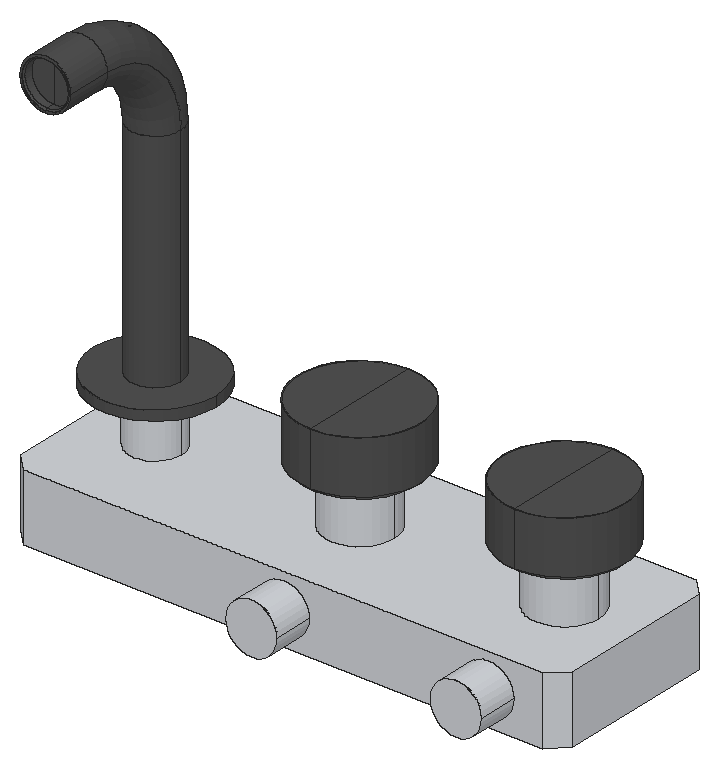
Revit family "Reece_Tap_Milli_Pure_Bath Tap Hostess System_160 mm", category Plumbing Fixtures, host Face, Revit 2018
Family settings
  Host = Face
  Round Connector Dimension = Use Diameter
  Part Type = Normal
  Cut with Voids When Loaded = No
  Shared = Yes
  Room Calculation Point = Yes
Parameters (values of type "Matte Black")
  WFU = 0  # constant formula
  URL = "https://www.reece.com.au/product/-2281221"
  Type Comments = "Tap"
  Reece_Tap_Reach = 160 mm  # constant formula
  Reece_Tap_Inlet = 15 mm  # constant formula
  Reece_Product_Web Page = "https://www.reece.com.au/product/-2281221"
  Reece_Product_Type = "Tap"  # constant formula
  Reece_Product_Sub Brand = "Pure"  # constant formula
  Reece_Product_Number = "2281221"
  Reece_Product_Mount = "Wall Mounted"
  Reece_Product_Description = "Milli Pure Wall Bath Hostess System 160mm Right Hand Matte Black"
  Reece_Product_Brand = "Milli"  # constant formula
  Reece_Overall_Length = 172.5 mm  # constant formula
  Reece_Material_Main = Reece_Brass_Matte Black
  Reece_Detail_Tap_Handle Texture = ""
  Reece_Detail_Installation = ""
  Reece_Detail_Disclaimer = "THIS FILE IS THE PROPERTY OF THE REECE GROUP. IT MAY NOT BE REPRODUCED, REVERSE-ENGINEERED OR MODIFIED. ANY REPUBLICATION, TRANSMISSION OR DISTRIBUTION FOR THE PURPOSE OF COMMERCIALLY EXPLOITING THE FILES IS PROHIBITED."  # constant formula
  Reece_Detail_Connector = ""
  Reece_Detail_Additional = "Bath Tap Hostess System\r\n"  # constant formula
  Model = "Pure"
  Manufacturer = "Milli"
  Keynote = "Product #2281221, Reece_Tap_Milli_Pure_Bath Tap Hostess System_160 mm - Matte Black"
  HWFU = 0  # constant formula
  Disclaimer = "THIS FILE IS THE PROPERTY OF THE REECE GROUP. IT MAY NOT BE REPRODUCED, REVERSE-ENGINEERED OR MODIFIED. ANY REPUBLICATION, TRANSMISSION OR DISTRIBUTION FOR THE PURPOSE OF COMMERCIALLY EXPLOITING THE FILES IS PROHIBITED."  # constant formula
  Description = "Milli Pure Wall Bath Hostess System 160mm Matte Black"
  Default Elevation = 1000 mm
  CWFU = 0  # constant formula
Types (6, lengths in mm): name | URL | Reece_Product_Web Page | Reece_Product_Number | Reece_Product_Description | Reece_Material_Main | Keynote | Description
  Brushed Gunmetal | "https://www.reece.com.au/product/-2281299" | "https://www.reece.com.au/product/-2281299" | "2281299" | "Milli Pure Wall Bath Hostess System 160mm Right Hand Brushed Gunmetal" | Reece_Brass_Brushed Gunmetal | "Product #2281299, Reece_Tap_Milli_Pure_Bath Tap Hostess System_160 mm - Brushed Gunmetal" | "Milli Pure Wall Bath Hostess System 160mm Brushed Gunmetal"
  Chrome | "https://www.reece.com.au/product/-2263278" | "https://www.reece.com.au/product/-2263278" | "2263278" | "Milli Pure Wall Bath Hostess System 160mm Right Hand Chrome" | Reece_Brass_Chrome | "Product #2263278, Reece_Tap_Milli_Pure_Bath Tap Hostess System_160 mm - Chrome" | "Milli Pure Wall Bath Hostess System 160mm Chrome"
  Matte Black | "https://www.reece.com.au/product/-2281221" | "https://www.reece.com.au/product/-2281221" | "2281221" | "Milli Pure Wall Bath Hostess System 160mm Right Hand Matte Black" | Reece_Brass_Matte Black | "Product #2281221, Reece_Tap_Milli_Pure_Bath Tap Hostess System_160 mm - Matte Black" | "Milli Pure Wall Bath Hostess System 160mm Matte Black"
  Brushed Nickel | "https://www.reece.com.au/product/-2299269" | "https://www.reece.com.au/product/-2299269" | "2299269" | "Milli Pure Wall Bath Hostess System 160mm Right Hand Brushed Nickel" | Reece_Brass_Brushed Nickel | "Product #2299269, Reece_Tap_Milli_Pure_Bath Tap Hostess System_160 mm - Brushed Nickel" | "Milli Pure Wall Bath Hostess System 160mm Brushed Nickel"
  PVD Brushed Bronze | "https://www.reece.com.au/product/-9511084" | "https://www.reece.com.au/product/-9511084" | "9511084" | "Milli Pure Wall Bath Hostess System 160mm PVD Brushed Bronze" | Reece_PVD_Brushed Bronze | "Product #9511084, Reece_Tap_Milli_Pure_Bath Tap Hostess System_160 mm - PVD Brushed Bronze" | "Milli Pure Wall Bath Hostess System 160mm PVD Brushed Bronze"
  PVD Brushed Gold | "https://www.reece.com.au/product/-9510899" | "https://www.reece.com.au/product/-9510899" | "9510899" | "Milli Pure Wall Bath Hostess System 160mm PVD Brushed Gold" | Reece_PVD_Brushed Gold | "Product #9510899, Reece_Tap_Milli_Pure_Bath Tap Hostess System_160 mm - PVD Brushed Gold" | "Milli Pure Wall Bath Hostess System 160mm PVD Brushed Gold"
Reference planes
  plane 1 "Center (Front/Back)": y = 0
  plane 2 "Bottom": z = 0
  plane 3 "Center (Left/Right)": x = 0
  plane 4 "Top": z = 172.5
  plane 5: z = 160
  plane 6: y = -67
  plane 7: x = -100
  plane 8: x = 100
Forms (mm)
  Extrusion 1, solid, material "Reece_Brass_Matte Black" <- "Reece_Material_Main"
    sketch origin (-50, 0, 0) x (1, 0, 0) y (0, 1, 0)
      loop
        circle (-50, 0) r 30
    from 0 to 5
  Sweep 2, solid, material "Reece_Brass_Matte Black" <- "Reece_Material_Main"
    path origin (0, 0, 0) x (0, 1, 0) y (0, 0, 1)
      loop
        line (-67, 160) -> (-45, 160)
        arc (-45, 160) -> (-13.18, 146.82) -> (0, 115) r 45
        line (0, 115) -> (0, 0)
    profile origin (0, 0, 57.5) x (1, 0, 0) y (0, 1, 0)
      loop
        circle (-100, 0) r 12.5
      loop
        circle (-100, 0) r 11.5
  Revolve 3, solid, material "Reece_Brass_Matte Black"
    sketch origin (-100, -183.21, 28.488) x (0, 0.572951, -0.81959) y (0, 0.81959, 0.572951)
      loop
        line (-38.39, 174.619) -> (-37.119, 176.437) -> (-46.38, 182.911) -> (-50.465, 177.068) -> (-49.461, 177.508) -> (-47.184, 180.766) -> (-38.39, 174.619)
      axis (-37.119, 176.437) -> (-41.203, 170.594)
    angle from 0 to 360
  Extrusion 4, solid
    sketch origin (0, 0, 0) x (1, 0, 0) y (0, 1, 0)
      loop
        line (-126.853, 46.5) -> (-135, 38.353) -> (-135, -38.353) -> (-126.853, -46.5) -> (126.853, -46.5) -> (135, -38.353) -> (135, 38.353) -> (126.853, 46.5) -> (-126.853, 46.5)
    from -60 to -27
  Extrusion 5, solid
    sketch origin (50, 0, -3.5) x (-1, 0, 0) y (0, 0, 1)
      loop
        circle (50, -40) r 12.5
    from -66.119 to -46.5
  Extrusion 6, solid
    sketch origin (150, 0, -3.5) x (-1, 0, 0) y (0, 0, 1)
      loop
        circle (50, -40) r 12.5
    from -66.119 to -46.5
  Extrusion 7, void
    sketch origin (-150, 0, 0) x (1, 0, 0) y (0, 1, 0)
      loop
        circle (50, 0) r 17
    from 0 to -27
  Extrusion 8, void
    sketch origin (50, 0, 0) x (-1, 0, 0) y (0, -1, 0)
      loop
        circle (50, 0) r 20
    from 0 to -27
  Extrusion 9, void
    sketch origin (150, 0, 0) x (-1, 0, 0) y (0, -1, 0)
      loop
        circle (50, 0) r 20
    from 0 to -27
  Extrusion 10, solid
    sketch origin (-50, 0, 0) x (1, 0, 0) y (0, 1, 0)
      loop
        circle (50, 0) r 17
    from 0 to -27
  Extrusion 11, solid
    sketch origin (-150, 0, 0) x (1, 0, 0) y (0, 1, 0)
      loop
        circle (50, 0) r 13
    from 0 to -27
  Extrusion 12, solid
    sketch origin (50, 0, 0) x (1, 0, 0) y (0, 1, 0)
      loop
        circle (50, 0) r 17
    from 0 to -27
Cuts and joins
  Extrusion 7 cuts Extrusion 1
  Extrusion 7 cuts Sweep 2
  joined: Extrusion 1, Sweep 2
  Extrusion 7, Extrusion 8, Extrusion 9 cuts Extrusion 4
  Extrusion 7, Extrusion 8, Extrusion 9 cuts Extrusion 5
  Extrusion 7, Extrusion 8, Extrusion 9 cuts Extrusion 6
  joined: Extrusion 4, Extrusion 5, Extrusion 6, Extrusion 10, Extrusion 11, Extrusion 12
Text (mm)
  text "Reece Copyright © 2018, Reece Ltd." at (-1403.988, -1192.393, 0), in view "Ref. Level"
  text "Reece ©" at (7.559, 166.241, 136.461), in view "Reece Preview"
Dimensions and locks
  "Reece_Tap_Reach": plane 5 to plane 2 "Bottom"
  plane 1 "Center (Front/Back)" to plane 6 = 67 mm
  locked: plane 4 "Top" to plane 5 at 12.5
  "Reece_Overall_Length": plane 4 "Top" to plane 2 "Bottom"
  plane 7 to plane 3 "Center (Left/Right)" = 100 mm
  aligned and locked: plane 2 "Bottom" to host face
  aligned and locked: level to host face
  aligned and locked: plane 5 to Sweep 2 sketch curve
  aligned and locked: plane 6 to Sweep 2 sketch curve
Automatic sketch dimensions
  host sketch curve to host sketch curve = 380.785 mm
  host sketch curve to host sketch curve = 317.421 mm
  plane 1 "Center (Front/Back)" to Extrusion 1 sketch curve = 0 mm
  Extrusion 1 sketch curve to plane 7 = 0 mm
  level to Sweep 2 sketch curve = 0 mm
  Sweep 2 sketch curve to plane 1 "Center (Front/Back)" = 0 mm
  Sweep 2 sketch curve to plane 6 = 22 mm
  Sweep 2 sketch curve to Sweep 2 sketch curve = 0 mm  (x2)
  profile plane to Sweep 2 sketch curve = 0 mm
  Sweep 2 sketch curve to plane 3 "Center (Left/Right)" = 100 mm
  Revolve 3 sketch curve to plane 5 = 0 mm  (x4)
  Revolve 3 sketch curve to plane 6 = 0 mm
  Revolve 3 sketch curve to plane 4 "Top" = 1.2 mm
  Revolve 3 sketch curve to Revolve 3 sketch curve = 1.003 mm
  Revolve 3 sketch curve to Revolve 3 sketch curve = 2.278 mm
  Revolve 3 sketch curve to Revolve 3 sketch curve = 0.803 mm
  Revolve 3 sketch curve to Revolve 3 sketch curve = 1.271 mm
  Revolve 3 sketch curve to Revolve 3 sketch curve = 17.422 mm
  Revolve 3 sketch curve to Revolve 3 sketch curve = 3.892 mm
  plane 7 to Extrusion 4 sketch curve = 35 mm
  Extrusion 4 sketch curve to Extrusion 4 sketch curve = 8.147 mm  (x6)
  plane 8 to Extrusion 4 sketch curve = 26.853 mm  (x2)
  Extrusion 4 sketch curve to plane 6 = 20.5 mm
  Extrusion 4 sketch curve to plane 1 "Center (Front/Back)" = 38.353 mm  (x2)
  Extrusion 5 sketch curve to plane 3 "Center (Left/Right)" = 0 mm
  Extrusion 5 sketch curve to level = 43.5 mm
  Extrusion 6 sketch curve to plane 8 = 0 mm
  Extrusion 6 sketch curve to level = 43.5 mm
  Extrusion 7 sketch curve to Extrusion 7 sketch curve = 0 mm  (x2)
  plane 1 "Center (Front/Back)" to Extrusion 7 sketch curve = 0 mm
  Extrusion 7 sketch curve to plane 7 = 0 mm
  Extrusion 7 sketch curve to Extrusion 7 sketch curve = 17 mm
  Extrusion 8 sketch curve to Extrusion 8 sketch curve = 0 mm  (x2)
  plane 1 "Center (Front/Back)" to Extrusion 8 sketch curve = 0 mm
  Extrusion 8 sketch curve to plane 3 "Center (Left/Right)" = 0 mm
  Extrusion 8 sketch curve to plane 3 "Center (Left/Right)" = 20 mm
  Extrusion 9 sketch curve to Extrusion 9 sketch curve = 0 mm  (x2)
  plane 1 "Center (Front/Back)" to Extrusion 9 sketch curve = 0 mm
  Extrusion 9 sketch curve to plane 8 = 0 mm
  Extrusion 9 sketch curve to plane 8 = 20 mm
  Extrusion 10 sketch curve to Extrusion 10 sketch curve = 0 mm  (x2)
  plane 1 "Center (Front/Back)" to Extrusion 10 sketch curve = 0 mm
  Extrusion 10 sketch curve to plane 3 "Center (Left/Right)" = 0 mm
  Extrusion 10 sketch curve to Extrusion 10 sketch curve = 17 mm
  Extrusion 11 sketch curve to Extrusion 11 sketch curve = 0 mm  (x2)
  plane 1 "Center (Front/Back)" to Extrusion 11 sketch curve = 0 mm
  Extrusion 11 sketch curve to plane 7 = 0 mm
  Extrusion 11 sketch curve to Extrusion 11 sketch curve = 13 mm
  Extrusion 12 sketch curve to Extrusion 12 sketch curve = 0 mm  (x2)
  plane 1 "Center (Front/Back)" to Extrusion 12 sketch curve = 0 mm
  Extrusion 12 sketch curve to plane 8 = 0 mm
  Extrusion 12 sketch curve to Extrusion 12 sketch curve = 17 mm
  radius of Extrusion 1 sketch curve = 30 mm
  radius of Sweep 2 sketch curve = 12.5 mm
  radius of Sweep 2 sketch curve = 11.5 mm
  radius of Extrusion 5 sketch curve = 12.5 mm
  radius of Extrusion 6 sketch curve = 12.5 mm
Nested families
  nested 1: "Reece_Tap_Milli_Pure_Cap_Main_2D" at (0, 0, 0), Reece_Material_Main <- "Reece_Material_Main", Reece_Material_Secondary <- "Reece_Material_Main", type "60mm x 28mm"
    with Reece_Material_Secondary Reece_Brass_Matte Black, Reece_Material_Main Reece_Brass_Matte Black
  nested 2: "Reece_Tap_Milli_Pure_Cap_Main_2D" at (100, 0, 0), Reece_Material_Main <- "Reece_Material_Main", Reece_Material_Secondary <- "Reece_Material_Main", type "60mm x 28mm"
    with Reece_Material_Secondary Reece_Brass_Matte Black, Reece_Material_Main Reece_Brass_Matte Black
Connectors
  piping at (0, -66.119, -43.5), diameter 15, driven by "Reece_Tap_Inlet"
    settings: on cut or joined group 1 (Extrusion 4, Extrusion 5, Extrusion 6, Extrusion 7, Extrusion 8, Extrusion 9, Extrusion 10, Extrusion 11, Extrusion 12), index 1, connector inside diameter 609.6 mm, connector length 0 mm, flow factor 0, pipe flow 0.0 L/s, pressure drop 0.0 Pa, fitting loss kfactor 0, connector angle 0.00°, fixture units 0, engagement length 0 mm, angle of deflection 0.00°, flow configuration 0, flow direction 1, fitting loss method 0, system type 29, joint type 0, gender type 0, connector reference index -1, connector utility 0, adjustable connector no, is connector primary yes, connector description ""
  piping at (100, -66.119, -43.5), diameter 15, driven by "Reece_Tap_Inlet"
    settings: on cut or joined group 1, index 2, connector inside diameter 609.6 mm, connector length 0 mm, flow factor 0, pipe flow 0.0 L/s, pressure drop 0.0 Pa, fitting loss kfactor 0, connector angle 0.00°, fixture units 0, engagement length 0 mm, angle of deflection 0.00°, flow configuration 0, flow direction 1, fitting loss method 0, system type 29, joint type 0, gender type 0, connector reference index -1, connector utility 0, adjustable connector no, is connector primary no, connector description ""
Definition of nested family "Reece_Tap_Milli_Pure_Cap_Main_2D"
  Parameters (values of type "62mm x 30mm")
    WFU = 0  # constant formula
    Reece_Overall_Width = 62 mm
    Reece_Overall_Height = 30 mm
    Reece_Material_Secondary [instance] = none
    Reece_Material_Main [instance] = none
    Reece_Detail_Installation = ""
    Reece_Detail_Connector = ""
    Reece_Detail_Additional = ""
    HWFU = 0  # constant formula
    Default Elevation = 1000 mm
    CWFU = 0  # constant formula
  Types (4, lengths in mm): name | Reece_Overall_Width | Reece_Overall_Height
    62mm x 30mm | 62 | 30
    60mm x 28mm | 60 | 28
    54mm x 30mm | 54 | 30
    60mm x 26mm | 60 | 26
  Reference planes
    plane 1 "Center (Front/Back)": y = 0
    plane 2 "Bottom": z = 0
    plane 3 "Center (Left/Right)": x = 0
    plane 4: y = -31
    plane 5: y = 31
    plane 6: z = 30
    plane 7: y = -29
    plane 8: y = 29
    plane 9: z = 16
    plane 10: z = 2
  Forms (mm)
    Extrusion 1, solid
      sketch origin (619.2, -619.2, 0) x (1, 0, 0) y (0, 1, 0)
        loop
          line (-809.2, 779.2) -> (-809.2, 461.779) -> (-428.415, 461.779) -> (-428.415, 779.2) -> (-809.2, 779.2)
      from 0 to -9.564
    Revolve 2, solid, material <- "Reece_Material_Secondary"
      sketch origin (0, 50, 0) x (0, -1, 0) y (0, 0, 1)
        loop
          line (50, 0) -> (79, 0) -> (79, 2) -> (81, 2) -> (81, 30) -> (79, 28) -> (50, 28) -> (50, 0)
        axis (50, 0) -> (50, 30)
      angle from 0 to 360
    Revolve 3, solid, material <- "Reece_Material_Main"
      sketch origin (0, 50, 0) x (0, -1, 0) y (0, 0, 1)
        loop
          line (81, 30) -> (50, 30) -> (50, 28) -> (79, 28) -> (81, 30)
        axis (50, 28) -> (50, 30)
      angle from 0 to 360
  Text (mm)
    text "Reece Copyright © 2018, Reece Ltd." at (-1403.988, -1192.393, 0), in view "Ref. Level"
    text "Reece ©" at (44.384, 258.95, 192.345), in view "Reece Preview"
  Dimensions and locks
    equal spacing: plane 5, plane 1 "Center (Front/Back)", plane 4
    "Reece_Overall_Width": plane 5 to plane 4
    "Reece_Overall_Height": plane 6 to plane 2 "Bottom"
    locked: plane 7 to plane 4 at 2
    locked: plane 5 to plane 8 at 2
    equal spacing: plane 6, plane 9, plane 10
    locked: plane 10 to plane 2 "Bottom" at 2
    aligned and locked: plane 2 "Bottom" to Extrusion 1
    aligned and locked: level to Extrusion 1
    aligned and locked: plane 7 to Revolve 2 sketch curve
  Automatic sketch dimensions
    Extrusion 1 sketch curve to Extrusion 1 sketch curve = 380.785 mm
    Extrusion 1 sketch curve to Extrusion 1 sketch curve = 317.421 mm
    Revolve 2 sketch curve to plane 1 "Center (Front/Back)" = 0 mm  (x2)
    Revolve 2 sketch curve to level = 0 mm
    Revolve 2 sketch curve to plane 7 = 0 mm
    Revolve 2 sketch curve to plane 4 = 0 mm
    Revolve 2 sketch curve to plane 6 = 0 mm  (x2)
    level to Revolve 2 sketch curve = 2 mm
    Revolve 2 sketch curve to plane 6 = 2 mm
    Revolve 2 sketch curve to Revolve 2 sketch curve = 10 mm
    Revolve 3 sketch curve to plane 1 "Center (Front/Back)" = 0 mm  (x2)
    Revolve 3 sketch curve to plane 7 = 0 mm
    Revolve 3 sketch curve to plane 4 = 0 mm
    Revolve 3 sketch curve to plane 6 = 0 mm  (x2)
    Revolve 3 sketch curve to plane 6 = 2 mm
    Revolve 3 sketch curve to Revolve 3 sketch curve = 10 mm
